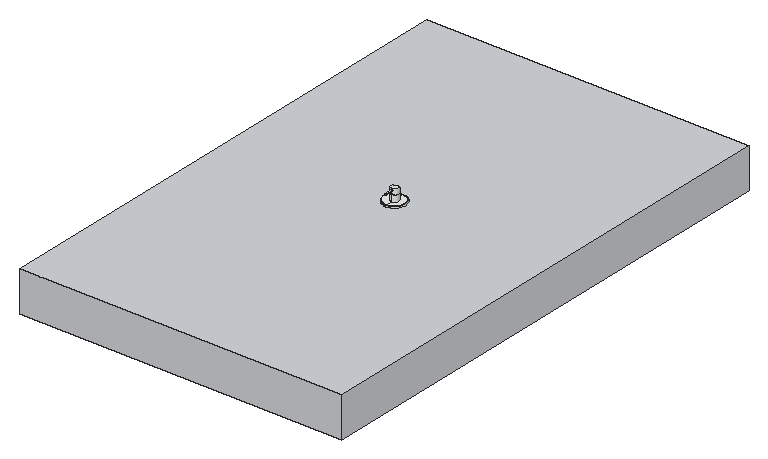
Revit family "Trim-Wall_Hung-Grohe-Concetto-14468_Series", category Plumbing Fixtures, host Face, Revit 2014
Parameters (values of type "14468000")
  Width = 6 1/4"  # constant formula
  Waste Connection = no
  Warranty Documentation Link = "https://cdn.cloud.grohe.com/tpi/1000/1900/1940/1949/1949006/original/1949006.pdf"
  WFU = 4  # constant formula
  Vent Connection = no
  URL = "https://www.grohe.com"
  Type Comments = ""
  Tempered Connection Radius = Tempered Connection Diameter / 2  # 1/4"
  Tempered Connection Diameter = Hot Water Connection Diameter  # 1/2"
  Product Page URL = ""
  Price = "Prices may vary. Please consult Manufacturer Representative for most up-to-date price list."  # constant formula
  Model = "14468000"
  Material = "Brass-Grohe-000-Starlight Chrome"
  Manufacturer = "Grohe"
  Length = 3 7/8"  # constant formula
  Installation Type = "Wall Mounted"
  Hot Water Connection Radius = Hot Water Connection Diameter / 2  # 1/4"
  Hot Water Connection Diameter = Cold Water Connection Diameter  # 1/2"
  Height = 6 3/4"  # constant formula
  HWFU = 3  # constant formula
  HW Connection = yes
  Flow Rate = ""
  Finish = Brass-Grohe-000-Starlight Chrome
  Description = "Concetto Pressure Balance Trim with Cartridge"  # constant formula
  Default Elevation = 44"  # constant formula
  Creation Date = "03/11/2020"  # constant formula
  Cold Water Connection Radius = 1/4"  # constant formula
  Cold Water Connection Diameter = Cold Water Connection Radius * 2  # 1/2"
  CWFU = 3  # constant formula
  CW Connection = yes
  Assembly Code = "D2010710"
  ADA Compliant = no
Types (2): name | Model | Material | Finish
  14468000 | "14468000" | "Brass-Grohe-000-Starlight Chrome" | Brass-Grohe-000-Starlight Chrome
  14468EN0 | "14468EN0" | "Brass-Grohe-EN0-Brushed Nickel" | Brass-Grohe-EN0-Brushed Nickel
Reference planes (in)
  plane 1 "Center (Front/Back)": y = 0
  plane 2: z = 0
  plane 3 "Center (Left/Right)": x = 0
  plane 4: z = 2.68355
  plane 5: z = 2.23466
  plane 6: y = 3.25
  plane 7: z = 3.875
  plane 8: y = -3.5
  plane 9: z = 0.375
Forms (in)
  Extrusion 1, solid
    sketch origin (0, 0, 0) x (1, 0, 0) y (0, 1, 0)
      loop
        line (-48, 72) -> (-48, -79.70833) -> (48, -79.70833) -> (48, 72) -> (-48, 72)
    from 0 to -12
  Extrusion 2, solid, material "Brass-Grohe-000-Starlight Chrome" <- "Finish"
    sketch origin (0, 0, 0) x (1, 0, 0) y (0, 1, 0)
      loop
        circle (-0.49522, 0) r 0.25
      loop
        circle (0.49522, 0) r 0.25
    from 0 to 0.0625
  Revolve 3, solid, material "Brass-Grohe-000-Starlight Chrome" <- "Finish"
    sketch origin (0, 0, 0.8513) x (0, 1, 0) y (0, 0, 1)
      loop
        line (3.25, -0.8513) -> (3.25, -0.57591) -> (3.15039, -0.4763) -> (1.11633, -0.4763) -> (1.11633, 1.4079) -> (1.025, 1.4079) -> (0.99546, 1.47124) -> (1.09216, 1.47124) -> (1.11633, 1.4954) -> (1.07948, 3.60602) -> (0, 3.60602) -> (0, -0.8513) -> (3.25, -0.8513)
      axis (0, 3.60602) -> (0, -0.8513)
    angle from 0 to 360
  Extrusion 4, void
    sketch origin (0, 0, 0.8513) x (0, 1, 0) y (0, 0, 1)
      loop
        line (1.34438, 2.58954) -> (1.34438, 3.8541) -> (-1.40562, 3.8541) -> (-1.40562, 3.03645)
        arc (-1.40562, 3.03645) -> (-0.01538, 2.90676) -> (1.34438, 2.58954) r 10.26165
      loop
        line (-3.38615, 2.014) -> (-3.51885, 2.764) -> (-4.64455, 2.764) -> (-4.64455, 2.014) -> (-3.38615, 2.014)
    from -1.36469 to 1.35107
  Extrusion 5, solid, material "Brass-Grohe-000-Starlight Chrome" <- "Finish"
    sketch origin (0, 0, 0.8513) x (1, 0, 0) y (0, 0, 1)
      loop
        circle (0, 2.4589) r 0.22424
    from 0 to 4.41223
Cuts and joins
  Extrusion 4 cuts Revolve 3
  Extrusion 4 cuts Extrusion 5
  joined: Revolve 3, Extrusion 5
Lines and regions (in)
  Masking region 1
    outline origin (0, 0, 0) x (1, 0, 0) y (0, 0, 1)
      loop
        line (1.11633, 0.375) -> (1.11633, 2.2592) -> (1.025, 2.2592) -> (0.99546, 2.32254) -> (1.09216, 2.32254) -> (1.11633, 2.3467) -> (1.09167, 3.75946)
        arc (1.09167, 3.75946) -> (1.07688, 3.78236) -> (1.05398, 3.79715) r 0.0648
        arc (1.05398, 3.79715) -> (0.99329, 3.81729) -> (0.93116, 3.83237) r 0.77704
        arc (0.93116, 3.83237) -> (0.80745, 3.85117) -> (0.68253, 3.8585) r 1.35727
        arc (0.68253, 3.8585) -> (0.47819, 3.86889) -> (0.27362, 3.87278) r 6.43202
        arc (0.27362, 3.87278) -> (0, 3.87375) -> (-0.27362, 3.87278) r 38.52779
        arc (-0.27362, 3.87278) -> (-0.47819, 3.86889) -> (-0.68253, 3.8585) r 6.43202
        arc (-0.68253, 3.8585) -> (-0.80745, 3.85117) -> (-0.93116, 3.83237) r 1.35727
        arc (-0.93116, 3.83237) -> (-0.99329, 3.81729) -> (-1.05398, 3.79715) r 0.77704
        arc (-1.05398, 3.79715) -> (-1.07688, 3.78236) -> (-1.09167, 3.75946) r 0.0648
        line (-1.09167, 3.75946) -> (-1.11633, 2.3467) -> (-1.09216, 2.32254) -> (-0.99546, 2.32254) -> (-1.025, 2.2592) -> (-1.11633, 2.2592) -> (-1.11633, 0.375) -> (-3.15039, 0.375) -> (-3.25, 0.27539) -> (-3.25, 0) -> (3.25, 0) -> (3.25, 0.27539) -> (3.15039, 0.375) -> (1.11633, 0.375)
  symbolic lines, detail levels medium+fine
    curve 1: line (1.11633, 0, 0.375) -> (-1.11633, 0, 0.375)
  symbolic lines, detail levels fine
    curve 2: line (1.025, 0, 2.2592) -> (-1.025, 0, 2.2592)
    curve 3: line (0.99546, 0, 2.32254) -> (-0.99546, 0, 2.32254)
    curve 4: line (1.11633, 0, 2.3467) -> (-1.13367, 0, 2.3467)
    curve 5: arc (1.09167, 0, 3.75946) -> (1.08578, 0, 3.73853) -> (1.07416, 0, 3.72015) r 0.07541
    curve 6: arc (1.07416, 0, 3.72015) -> (1.00919, 0, 3.67681) -> (0.93694, 0, 3.64718) r 0.39281
    curve 7: arc (0.93694, 0, 3.64718) -> (0.79964, 0, 3.60557) -> (0.65994, 0, 3.57296) r 2.2086
    curve 8: arc (0.65994, 0, 3.57296) -> (0.47384, 0, 3.54238) -> (0.2861, 0, 3.5245) r 2.77741
    curve 9: arc (-1.09167, 0, 3.75946) -> (-1.08578, 0, 3.73853) -> (-1.07416, 0, 3.72015) r 0.07541
    curve 10: arc (-1.07416, 0, 3.72015) -> (-1.00919, 0, 3.67681) -> (-0.93694, 0, 3.64718) r 0.39281
    curve 11: arc (-0.93694, 0, 3.64718) -> (-0.79964, 0, 3.60557) -> (-0.65994, 0, 3.57296) r 2.2086
    curve 12: arc (-0.65994, 0, 3.57296) -> (-0.47384, 0, 3.54238) -> (-0.2861, 0, 3.5245) r 2.77741
    curve 13: arc (0.2861, 0, 3.5245) -> (0, 0, 3.51577) -> (-0.2861, 0, 3.5245) r 4.69286
    curve 14: line (3.25, 0, 0.27539) -> (-3.25, 0, 0.27539)
Dimensions and locks (in)
  "Hot Water Connection Diameter": diameter of Extrusion 2 sketch curve
  "Cold Water Connection Diameter": diameter of Extrusion 2 sketch curve
  aligned and locked: plane 2 to Extrusion 1
  aligned and locked: level to Extrusion 1
Automatic sketch dimensions
  Extrusion 1 sketch curve to Extrusion 1 sketch curve = 96"
  Extrusion 1 sketch curve to Extrusion 1 sketch curve = 151.70833"
  plane 1 "Center (Front/Back)" to Extrusion 2 sketch curve = 0"  (x2)
  Extrusion 2 sketch curve to plane 3 "Center (Left/Right)" = 0.49522"
  plane 3 "Center (Left/Right)" to Extrusion 2 sketch curve = 0.49522"
  Extrusion 4 sketch curve to plane 7 = 0.2597"
  plane 8 to Extrusion 4 sketch curve = 1.14455"
  plane 8 to Extrusion 4 sketch curve = 0.01885"
  Extrusion 4 sketch curve to plane 8 = 0.11385"
  plane 1 "Center (Front/Back)" to Extrusion 4 sketch curve = 1.66147"
  plane 1 "Center (Front/Back)" to Extrusion 4 sketch curve = 1.40562"
  Extrusion 4 sketch curve to plane 7 = 0.43416"
  Extrusion 4 sketch curve to plane 1 "Center (Front/Back)" = 1.34438"
  plane 4 to Extrusion 4 sketch curve = 0.18174"
  Extrusion 4 sketch curve to level = 6.37071"
  plane 7 to Extrusion 4 sketch curve = 0.8304"
  Extrusion 5 sketch curve to plane 3 "Center (Left/Right)" = 0"
  Extrusion 5 sketch curve to plane 7 = 0.5648"
  Revolve 3 sketch curve to level = 0"
  Revolve 3 sketch curve to plane 1 "Center (Front/Back)" = 0"  (x2)
  Revolve 3 sketch curve to plane 9 = 0"
  plane 5 to Revolve 3 sketch curve = 0.08788"
  Revolve 3 sketch curve to plane 1 "Center (Front/Back)" = 0.99546"
  plane 5 to Revolve 3 sketch curve = 0.02455"
  Revolve 3 sketch curve to Revolve 3 sketch curve = 0.02953"
  Revolve 3 sketch curve to Revolve 3 sketch curve = 1.07948"
  Revolve 3 sketch curve to Revolve 3 sketch curve = 0.06716"
  Revolve 3 sketch curve to Revolve 3 sketch curve = 0.02417"  (x2)
  plane 5 to Revolve 3 sketch curve = 0.11205"
  Revolve 3 sketch curve to plane 9 = 0.09961"
  plane 7 to Revolve 3 sketch curve = 0.58232"
  Revolve 3 sketch curve to plane 6 = 0.09961"
  Revolve 3 sketch curve to Revolve 3 sketch curve = 1/2"
  Revolve 3 sketch curve to Revolve 3 sketch curve = 1/4"
  Revolve 3 sketch curve to plane 6 = 0"
  plane 3 "Center (Left/Right)" to Masking region 1 sketch curve = 0"
  Masking region 1 sketch curve to plane 3 "Center (Left/Right)" = 0.25372"
  Masking region 1 sketch curve to plane 4 = 0.18222"  (x2)
  Masking region 1 sketch curve to plane 3 "Center (Left/Right)" = 0.66557"
  plane 4 to Masking region 1 sketch curve = 0.38679"  (x2)
  Masking region 1 sketch curve to Masking region 1 sketch curve = 0.11354"  (x2)
  plane 5 to Masking region 1 sketch curve = 0.08788"  (x2)
  Masking region 1 sketch curve to Masking region 1 sketch curve = 0.32989"  (x2)
  plane 5 to Masking region 1 sketch curve = 0.02455"  (x2)
  Masking region 1 sketch curve to Masking region 1 sketch curve = 0.02953"  (x2)
  Masking region 1 sketch curve to plane 7 = 0.13846"  (x2)
  Masking region 1 sketch curve to Masking region 1 sketch curve = 0.25194"  (x2)
  Masking region 1 sketch curve to plane 7 = 0.11554"  (x2)
  Masking region 1 sketch curve to Masking region 1 sketch curve = 0.06061"  (x2)
  Masking region 1 sketch curve to Masking region 1 sketch curve = 0.06716"  (x2)
  Masking region 1 sketch curve to plane 3 "Center (Left/Right)" = 1.11633"
  plane 5 to Masking region 1 sketch curve = 0.11205"  (x2)
  Masking region 1 sketch curve to Masking region 1 sketch curve = 0.02417"  (x3)
  level to Masking region 1 sketch curve = 3/8"  (x2)
  Masking region 1 sketch curve to Masking region 1 sketch curve = 2.03406"  (x2)
  level to Masking region 1 sketch curve = 0.27539"  (x2)
  Masking region 1 sketch curve to Masking region 1 sketch curve = 0.09961"  (x2)
  plane 3 "Center (Left/Right)" to Masking region 1 sketch curve = 0.25372"
  plane 3 "Center (Left/Right)" to Masking region 1 sketch curve = 0.66557"
  Masking region 1 sketch curve to level = 2.55921"
  Masking region 1 sketch curve to Masking region 1 sketch curve = 0"  (x3)
  Masking region 1 sketch curve to Masking region 1 sketch curve = 32.09483"
  Masking region 1 sketch curve to plane 7 = 0.00222"  (x2)
  Masking region 1 sketch curve to plane 3 "Center (Left/Right)" = 0.27362"
  Masking region 1 sketch curve to plane 7 = 0.0165"  (x2)
  Masking region 1 sketch curve to level = 0"
  curve 13 to plane 3 "Center (Left/Right)" = 0"
  curve 12 to plane 3 "Center (Left/Right)" = 0.11678"
  curve 11 to plane 3 "Center (Left/Right)" = 0.22801"
  plane 7 to curve 10 = 0.14864"
  curve 10 to plane 3 "Center (Left/Right)" = 0.82478"
  curve 9 to plane 7 = 0.1058"
  curve 9 to curve 10 = 0.1921"
  plane 3 "Center (Left/Right)" to curve 8 = 0.11678"
  plane 3 "Center (Left/Right)" to curve 7 = 0.22801"
  plane 7 to curve 6 = 0.14864"
  plane 3 "Center (Left/Right)" to curve 6 = 0.82478"
  curve 5 to plane 7 = 0.1058"
  curve 6 to curve 5 = 0.1921"
  curve 10 to curve 11 = 1.71527"
  curve 7 to curve 11 = 0"
  curve 7 to curve 8 = 0.55782"
  curve 12 to curve 8 = 0"
  curve 8 to curve 13 = 1.91188"
  curve 12 to plane 3 "Center (Left/Right)" = 0.2861"
  curve 13 to curve 12 = 0"
  curve 11 to curve 12 = 0"
  curve 9 to curve 11 = 0.07995"
  plane 5 to curve 3 = 0.08788"
  curve 3 to plane 3 "Center (Left/Right)" = 0.99546"
  plane 5 to curve 2 = 0.02455"
  curve 2 to curve 3 = 0.02953"
  curve 9 to curve 9 = 0.05728"
  curve 9 to curve 10 = 0.0175"
  level to curve 1 = 3/8"
  curve 1 to plane 3 "Center (Left/Right)" = 1.11633"
  curve 4 to curve 2 = 0.10868"
  level to curve 14 = 0.27539"
  curve 14 to curve 1 = 2.13367"
  curve 8 to curve 13 = 0"
  curve 7 to curve 8 = 0"
  curve 6 to curve 5 = 0.07995"
  plane 3 "Center (Left/Right)" to curve 3 = 0.99546"
  curve 3 to curve 2 = 0.02953"
  curve 5 to curve 5 = 0.05728"
  curve 6 to curve 5 = 0.0175"
  plane 3 "Center (Left/Right)" to curve 1 = 1.11633"
  curve 3 to curve 4 = 0.12086"
  curve 1 to curve 14 = 2.13367"
  plane 5 to curve 4 = 0.11205"
  radius of Extrusion 5 sketch curve = 0.22424"
Connectors (in)
  piping at (-0.49522, 0, 0), diameter 0.5, driven by "Hot Water Connection Diameter"
    settings: on Extrusion 2, index 1, connector inside diameter 24", connector length 0", flow factor 0, pipe flow 0 GPM, pressure drop 0.00 psi, fitting loss kfactor 0, connector angle 0.00°, fixture units 0, engagement length 0", angle of deflection 0.00°, flow configuration 3, flow direction 1, fitting loss method 0, system type 19, joint type 0, gender type 0, connector reference index -1, connector utility 0, adjustable connector no, is connector primary yes, connector description "1/2\" NPT HW Inlet"
  piping at (0.49522, 0, 0), diameter 0.5, driven by "Cold Water Connection Diameter"
    settings: on Extrusion 2, index 2, connector inside diameter 24", connector length 0", flow factor 0, pipe flow 0 GPM, pressure drop 0.00 psi, fitting loss kfactor 0, connector angle 0.00°, fixture units 0, engagement length 0", angle of deflection 0.00°, flow configuration 3, flow direction 1, fitting loss method 0, system type 20, joint type 0, gender type 0, connector reference index -1, connector utility 0, adjustable connector no, is connector primary no, connector description "1/2\" NPT CW Inlet"
